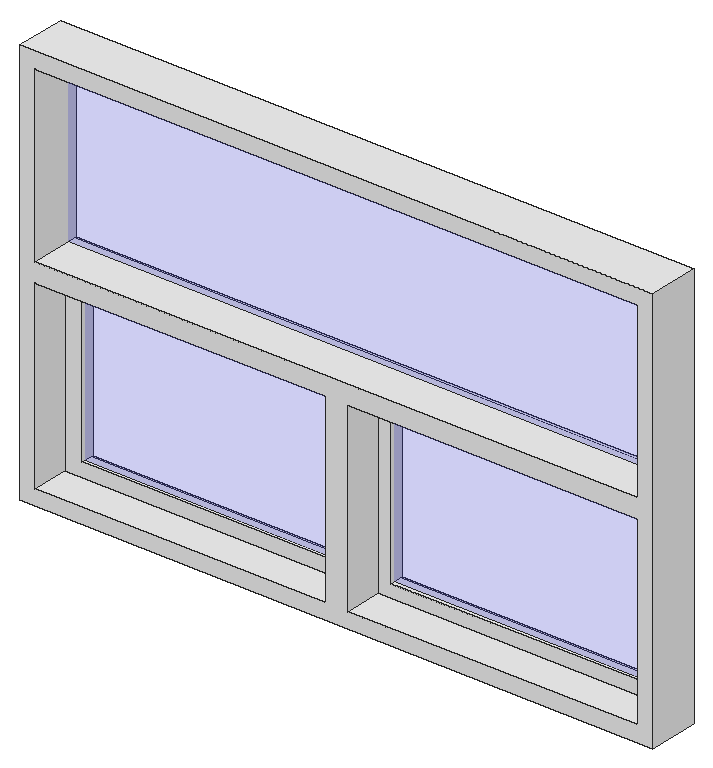
Revit family
Parameters (values of type "AW25")
  창 두께 = 150 mm
  창 패널 = AW9 창 패널
  창 프레임 = AW9 창 프레임
  Height = 1200 mm
  절반 창 두께 = 창 두께 / 2  # 75 mm
  기본 씰 높이 = 1200 mm
  Wall Closure = (empty or 0)
  Width = 1865 mm
Types (6, lengths in mm): name | Height | 기본 씰 높이 | Width
  (no name) | 1200 | 1200 | 1865
  AW9 | 1500 | 1200 | 1500
  AW9-1 | 1500 | 900 | 1500
  AW10 | 1200 | 1200 | 1500
  AW25 | 1200 | 1200 | 1865
  AW25-1 | 1200 | 1200 | 1450
Reference planes
  plane 1: y = 0
  plane 2 "중심(왼쪽/오른쪽)": x = 0
  plane 3 "왼쪽": x = -932.5
  plane 4 "오른쪽": x = 932.5
  plane 5 "씰": z = 1200
  plane 6 "헤드": z = 2400
  plane 7 "외부": y = 100
  plane 8 "내부": y = -100
  plane 9: y = 75
  plane 10: y = -75
  plane 11: y = 35
  plane 12: x = -887.5
  plane 13: x = 887.5
  plane 14: x = -877.5
  plane 15: x = 877.5
  plane 16: z = 1800
  plane 17: z = 1790
  plane 18: z = 1845
  plane 19: y = 55
  plane 20: y = 66
  plane 21: y = 44
  plane 22: y = -11
  plane 23: y = 11
  plane 24: x = -22.5
  plane 25: x = 22.5
  plane 26: x = -32.5
  plane 27: x = 32.5
  plane 28: z = 2355
  plane 29: z = 1245
  plane 30: x = 837.5
  plane 31: z = 1750
  plane 32: x = -837.5
  plane 33: z = 1285
  plane 34: x = 72.5
  plane 35: x = -72.5
  plane 36: x = 460
  plane 37: x = -460
Forms (mm)
  Extrusion 1, solid, material "AW9 창 프레임" <- "창 프레임"
    sketch origin (-2000, 75, 1000) x (-1, 0, 0) y (0, 0, 1)
      loop
        line (-2932.5, 1400) -> (-2932.5, 200) -> (-1067.5, 200) -> (-1067.5, 1400) -> (-2932.5, 1400)
      loop
        line (-2887.5, 1355) -> (-2887.5, 845) -> (-1112.5, 845) -> (-1112.5, 1355) -> (-2887.5, 1355)
      loop
        line (-2887.5, 245) -> (-2032.5, 245) -> (-2032.5, 790) -> (-2887.5, 790) -> (-2887.5, 245)
      loop
        line (-1112.5, 245) -> (-1112.5, 790) -> (-1967.5, 790) -> (-1967.5, 245) -> (-1112.5, 245)
    from -150 to 0
  Extrusion 2, solid, material "AW9 창 프레임" <- "창 프레임"
    sketch origin (-2000, 75, 1000) x (-1, 0, 0) y (0, 0, 1)
      loop
        line (-2887.5, 790) -> (-2887.5, 245) -> (-2032.5, 245) -> (-2032.5, 790) -> (-2887.5, 790)
      loop
        line (-1967.5, 790) -> (-1967.5, 245) -> (-1112.5, 245) -> (-1112.5, 790) -> (-1967.5, 790)
      loop
        line (-2837.5, 750) -> (-2837.5, 285) -> (-2072.5, 285) -> (-2072.5, 750) -> (-2837.5, 750)
      loop
        line (-1927.5, 750) -> (-1927.5, 285) -> (-1162.5, 285) -> (-1162.5, 750) -> (-1927.5, 750)
    from -40 to 0
  Extrusion 3, solid, material "AW9 창 패널" <- "창 패널"
    sketch origin (-2000, 75, 1000) x (-1, 0, 0) y (0, 0, 1)
      loop
        line (-2887.5, 1355) -> (-2887.5, 845) -> (-1112.5, 845) -> (-1112.5, 1355) -> (-2887.5, 1355)
      loop
        line (-2837.5, 750) -> (-2837.5, 285) -> (-2072.5, 285) -> (-2072.5, 750) -> (-2837.5, 750)
      loop
        line (-1927.5, 750) -> (-1927.5, 285) -> (-1162.5, 285) -> (-1162.5, 750) -> (-1927.5, 750)
    from -31 to -9
Lines and regions (mm)
  Opening 1
    outline origin (3500, -100, 0) x (1, 0, 0) y (0, 0, 1)
      loop
        line (-2567.5, 1200) -> (-2567.5, 2400) -> (-4432.5, 2400) -> (-4432.5, 1200) -> (-2567.5, 1200)
  symbolic lines, style "입면도 스윙"
    curve 1: line (460, 75, 1790) -> (887.5, 75, 1245)
    curve 2: line (460, 75, 1790) -> (32.5, 75, 1245)
    curve 3: line (-32.5, 75, 1245) -> (-460, 75, 1790)
    curve 4: line (-460, 75, 1790) -> (-887.5, 75, 1245)
  symbolic lines
    curve 5: line (-932.5, 75, 0) -> (932.5, 75, 0)
    curve 6: line (-932.5, 0, 0) -> (932.5, 0, 0)
    curve 7: line (-932.5, -75, 0) -> (932.5, -75, 0)
    curve 8: line (-932.5, 100, 0) -> (-932.5, -100, 0)
    curve 9: line (932.5, 100, 0) -> (932.5, -100, 0)
Text (mm)
  text "외부" at (-1963.203, 1332.353, 0), in view "참조 레벨"
  text "내부" at (-1981.466, -818.386, 0), in view "참조 레벨"
  text "외부" at (0, 923.751, 2943.296), in view "오른쪽"
  text "외부" at (0, 1040.484, 2685.409), in view "왼쪽"
Dimensions and locks
  equal spacing: plane 3 "왼쪽", plane 2 "중심(왼쪽/오른쪽)", plane 4 "오른쪽"
  "Width": plane 3 "왼쪽" to plane 4 "오른쪽"
  "Height": plane 5 "씰" to plane 6 "헤드"
  locked: plane 7 "외부" to host wall at 0
  locked: plane 8 "내부" to host wall
  plane 17 to plane 16 to plane 18 = 10 mm locked, 45 mm locked
  plane 9 to plane 19 to plane 11 = 20 mm locked, 20 mm locked
  plane 20 to plane 19 to plane 21 = 11 mm locked, 11 mm locked
  plane 23 to host wall to plane 22 = 11 mm locked, 11 mm locked
  plane 3 "왼쪽" to plane 12 to plane 14 = 45 mm locked, 10 mm locked
  plane 15 to plane 13 to plane 4 "오른쪽" = 10 mm locked, 45 mm locked
  plane 24 to plane 2 "중심(왼쪽/오른쪽)" to plane 25 = 22.5 mm locked, 22.5 mm locked
  locked: plane 26 to plane 24 at 10
  locked: plane 25 to plane 27 at 10
  locked: plane 5 "씰" to plane 16 at 600
  "절반 창 두께": plane 9 to plane 1
  "절반 창 두께": plane 10 to plane 1
  "기본 씰 높이": level to plane 5 "씰"
  locked: plane 28 to plane 6 "헤드" at 45
  locked: plane 5 "씰" to plane 29 at 45
  locked: plane 30 to plane 15 at 40
  locked: plane 31 to plane 17 at 40
  locked: plane 14 to plane 32 at 40
  locked: plane 29 to plane 33 at 40
  locked: plane 34 to plane 27 at 40
  locked: plane 26 to plane 35 at 40
  equal spacing: plane 27, plane 36, plane 13
  equal spacing: plane 26, plane 37, plane 12
  aligned and locked: plane 6 "헤드" to Extrusion 1 sketch curve
  aligned and locked: plane 4 "오른쪽" to Extrusion 1 sketch curve
  aligned and locked: Extrusion 1 sketch curve to plane 5 "씰"
  aligned and locked: Extrusion 1 sketch curve to plane 3 "왼쪽"
  aligned and locked: Extrusion 1 sketch curve to plane 28
  aligned and locked: plane 13 to Extrusion 1 sketch curve  (x2)
  aligned and locked: plane 29 to Extrusion 1 sketch curve  (x2)
  aligned and locked: Extrusion 1 sketch curve to plane 12
  aligned and locked: plane 18 to Extrusion 1 sketch curve
  aligned and locked: plane 12 to Extrusion 1 sketch curve
  aligned and locked: plane 17 to Extrusion 1 sketch curve  (x2)
  aligned and locked: plane 27 to Extrusion 1 sketch curve
  aligned and locked: plane 26 to Extrusion 1 sketch curve
  aligned and locked: Extrusion 1 to plane 10
  aligned and locked: plane 9 to Extrusion 1
  aligned and locked: plane 17 to Extrusion 2 sketch curve  (x2)
  aligned and locked: plane 13 to Extrusion 2 sketch curve
  aligned and locked: plane 29 to Extrusion 2 sketch curve  (x2)
  aligned and locked: plane 27 to Extrusion 2 sketch curve
  aligned and locked: Extrusion 2 sketch curve to plane 31  (x2)
  aligned and locked: plane 30 to Extrusion 2 sketch curve
  aligned and locked: plane 33 to Extrusion 2 sketch curve  (x2)
  aligned and locked: Extrusion 2 sketch curve to plane 34
  aligned and locked: Extrusion 2 sketch curve to plane 26
  aligned and locked: Extrusion 2 sketch curve to plane 12
  aligned and locked: plane 35 to Extrusion 2 sketch curve
  aligned and locked: Extrusion 2 sketch curve to plane 32
  aligned and locked: Extrusion 2 to plane 9
  aligned and locked: Extrusion 2 to plane 11
  aligned and locked: Extrusion 3 sketch curve to plane 28
  aligned and locked: plane 13 to Extrusion 3 sketch curve
  aligned and locked: Extrusion 3 sketch curve to plane 18
  aligned and locked: Extrusion 3 sketch curve to plane 12
  aligned and locked: Extrusion 3 sketch curve to plane 31  (x2)
  aligned and locked: plane 30 to Extrusion 3 sketch curve
  aligned and locked: plane 33 to Extrusion 3 sketch curve  (x2)
  aligned and locked: Extrusion 3 sketch curve to plane 34
  aligned and locked: plane 35 to Extrusion 3 sketch curve
  aligned and locked: Extrusion 3 sketch curve to plane 32
  aligned and locked: Extrusion 3 to plane 21
  aligned and locked: plane 20 to Extrusion 3
  aligned and locked: plane 36 to curve 1
  aligned and locked: plane 29 to curve 1
  aligned and locked: plane 13 to curve 1
  aligned and locked: plane 17 to curve 2
  aligned and locked: plane 27 to curve 2
  aligned and locked: plane 29 to curve 2
  aligned and locked: plane 17 to curve 3
  aligned and locked: plane 37 to curve 3
  aligned and locked: plane 29 to curve 3
  aligned and locked: plane 26 to curve 3
  aligned and locked: plane 29 to curve 4
  aligned and locked: plane 12 to curve 4
  aligned and locked: plane 3 "왼쪽" to curve 6
  aligned and locked: plane 3 "왼쪽" to curve 7
  aligned and locked: plane 4 "오른쪽" to curve 6
  aligned and locked: curve 5 to plane 9
  aligned and locked: host wall to curve 6
  aligned and locked: curve 7 to plane 10
  aligned and locked: plane 8 "내부" to curve 8
  aligned and locked: plane 7 "외부" to curve 8
  aligned and locked: plane 8 "내부" to curve 9
  aligned and locked: plane 7 "외부" to curve 9
  aligned and locked: plane 4 "오른쪽" to curve 9
Automatic sketch dimensions
  Opening 1 sketch curve to plane 3 "왼쪽" = 0 mm
  Opening 1 sketch curve to plane 4 "오른쪽" = 0 mm
  Opening 1 sketch curve to plane 5 "씰" = 0 mm
  Opening 1 sketch curve to plane 6 "헤드" = 0 mm
  Extrusion 1 sketch curve to plane 17 = 0 mm
  Extrusion 1 sketch curve to plane 29 = 0 mm
